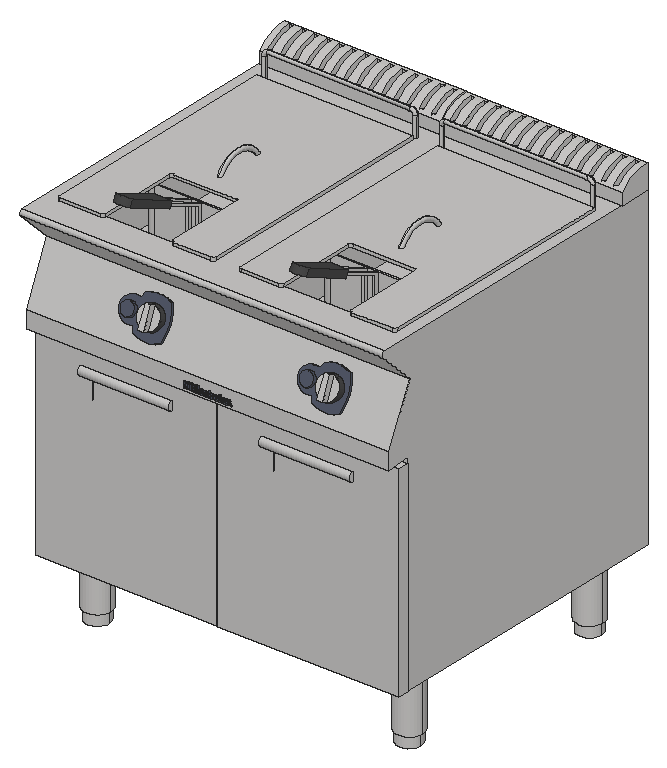
Revit family "QF_ELECTROLUXPROFESSIONAL_371071_E7FRGH2GF0", category Specialty Equipment, Revit 2018 (continued)
Automatic sketch dimensions
  curve 182 to curve 183 = 0 mm
  plane 1 "BACK" to curve 184 = 63.911 mm
  curve 171 to curve 185 = 0 mm
  curve 186 to curve 184 = 0 mm
  curve 187 to curve 186 = 0 mm
  curve 188 to curve 187 = 0 mm
  curve 189 to curve 188 = 0 mm
  curve 190 to curve 189 = 0 mm
  curve 191 to curve 190 = 0 mm
  curve 192 to curve 191 = 0 mm
  curve 193 to curve 192 = 0 mm
  curve 194 to curve 193 = 0 mm
  curve 195 to curve 194 = 0 mm
  curve 196 to curve 195 = 0 mm
  curve 197 to curve 196 = 0 mm
  Extrusion 1 sketch curve to plane 10 "TOP A" = 0 mm
  Extrusion 1 sketch curve to plane 9 "BASE" = 0 mm
  Extrusion 1 sketch curve to plane 14 = 0 mm  (x2)
  Extrusion 1 sketch curve to plane 1 "BACK" = 0 mm
  plane 11 to Extrusion 1 sketch curve = 59.531 mm
  plane 9 "BASE" to Extrusion 1 sketch curve = 12.7 mm
  plane 11 to Extrusion 1 sketch curve = 62.516 mm
  Extrusion 1 sketch curve to Extrusion 1 sketch curve = 1.588 mm
  Extrusion 1 sketch curve to Extrusion 1 sketch curve = 25.4 mm
  Extrusion 1 sketch curve to plane 5 "FRONT" = 16.478 mm
  Extrusion 1 sketch curve to plane 5 "FRONT" = 4.973 mm
  Extrusion 1 sketch curve to plane 5 "FRONT" = 0.483 mm
  plane 9 "BASE" to Extrusion 1 sketch curve = 7.09 mm
  Extrusion 1 sketch curve to Extrusion 1 sketch curve = 38.1 mm
  Extrusion 1 sketch curve to plane 10 "TOP A" = 83.191 mm
  Extrusion 1 sketch curve to plane 10 "TOP A" = 10.84 mm
  Extrusion 2 sketch curve to plane 10 "TOP A" = 0 mm
  Extrusion 2 sketch curve to plane 1 "BACK" = 0 mm
  Extrusion 2 sketch curve to plane 6 "TOP" = 0 mm
  plane 1 "BACK" to Extrusion 2 sketch curve = 1.769 mm
  plane 10 "TOP A" to Extrusion 2 sketch curve = 25.4 mm
  plane 1 "BACK" to Extrusion 2 sketch curve = 69.85 mm
  plane 12 to Extrusion 3 sketch curve = 0.124 mm  (x2)
  Extrusion 3 sketch curve to plane 4 "RIGHT" = 33.338 mm
  plane 7 "Center Y" to Extrusion 3 sketch curve = 26.988 mm
  Extrusion 3 sketch curve to plane 7 "Center Y" = 26.988 mm
  plane 3 "LEFT" to Extrusion 3 sketch curve = 33.338 mm
  plane 11 to Extrusion 3 sketch curve = 57.877 mm
  Extrusion 3 sketch curve to Extrusion 3 sketch curve = 0 mm
  plane 1 "BACK" to Extrusion 4 sketch curve = 6.761 mm
  plane 3 "LEFT" to Extrusion 4 sketch curve = 22.749 mm
  Extrusion 4 sketch curve to Extrusion 4 sketch curve = 9.296 mm
  Extrusion 4 sketch curve to Extrusion 4 sketch curve = 57.15 mm
  plane 1 "BACK" to Extrusion 5 sketch curve = 0 mm
  Extrusion 5 sketch curve to plane 3 "LEFT" = 0 mm
  Extrusion 5 sketch curve to plane 4 "RIGHT" = 0 mm
  Extrusion 5 sketch curve to plane 3 "LEFT" = 150.019 mm
  plane 5 "FRONT" to Extrusion 5 sketch curve = 1.377 mm  (x2)
  plane 4 "RIGHT" to Extrusion 5 sketch curve = 150.019 mm
  Extrusion 5 sketch curve to plane 1 "BACK" = 150.019 mm
  curve 168 to plane 4 "RIGHT" = 0 mm
  curve 7 to plane 4 "RIGHT" = 0 mm
  plane 5 "FRONT" to curve 169 = 0 mm
  plane 1 "BACK" to curve 163 = 0 mm
  curve 6 to plane 3 "LEFT" = 0 mm
  curve 166 to plane 3 "LEFT" = 0 mm
  plane 4 "RIGHT" to curve 3 = 150.019 mm
  curve 122 to curve 121 = 9.296 mm
  curve 56 to plane 4 "RIGHT" = 26.987 mm
  curve 44 to curve 44 = 6.35 mm
  curve 43 to curve 78 = 10.61 mm
  plane 1 "BACK" to curve 129 = 6.761 mm
  curve 121 to curve 129 = 18.547 mm
  curve 128 to curve 127 = 9.296 mm
  curve 127 to curve 131 = 18.547 mm
  curve 169 to plane 4 "RIGHT" = 74.24 mm
  curve 131 to curve 132 = 9.296 mm
  curve 130 to curve 134 = 18.547 mm
  curve 169 to curve 46 = 47.997 mm
  curve 48 to plane 4 "RIGHT" = 128.587 mm
  curve 47 to curve 48 = 6.35 mm
  plane 1 "BACK" to curve 140 = 6.761 mm
  curve 136 to curve 140 = 18.547 mm
  curve 140 to curve 139 = 9.296 mm
  curve 47 to curve 67 = 54.879 mm
  curve 60 to curve 67 = 0 mm
  curve 60 to curve 67 = 3.442 mm
  curve 143 to curve 142 = 9.296 mm
  curve 58 to curve 64 = 4.079 mm
  curve 48 to curve 68 = 60.633 mm
  curve 64 to curve 63 = 5.857 mm
  curve 68 to curve 70 = 4.449 mm
  curve 67 to curve 60 = 18.617 mm
  curve 67 to curve 60 = 0 mm
  curve 63 to curve 66 = 17.363 mm
  curve 146 to curve 147 = 9.296 mm
  curve 66 to curve 65 = 5.857 mm
  curve 61 to curve 62 = 37.235 mm
  plane 1 "BACK" to curve 150 = 6.761 mm
  curve 145 to curve 150 = 18.547 mm
  curve 149 to curve 148 = 9.296 mm
  curve 65 to curve 50 = 51.399 mm
  curve 152 to curve 151 = 9.296 mm
  curve 62 to curve 62 = 53.67 mm
  curve 51 to curve 53 = 6.35 mm
  plane 1 "BACK" to curve 156 = 6.761 mm
  curve 151 to curve 156 = 18.547 mm
  curve 155 to curve 156 = 9.296 mm
  curve 158 to curve 159 = 9.296 mm
  plane 7 "Center Y" to curve 169 = 54.971 mm
  curve 157 to curve 161 = 18.547 mm
  curve 161 to curve 160 = 9.296 mm
  plane 7 "Center Y" to curve 53 = 33.338 mm
  plane 7 "Center Y" to curve 79 = 28.891 mm
  curve 54 to curve 54 = 6.35 mm
  curve 160 to curve 125 = 18.547 mm
  curve 125 to curve 124 = 9.296 mm
  plane 7 "Center Y" to curve 168 = 3.9 mm
  plane 7 "Center Y" to curve 163 = 1.588 mm
  curve 164 to plane 7 "Center Y" = 1.587 mm
  curve 166 to plane 7 "Center Y" = 3.9 mm
  plane 1 "BACK" to curve 82 = 6.761 mm
  curve 164 to curve 82 = 13.764 mm
  curve 24 to plane 7 "Center Y" = 26.988 mm
  curve 23 to curve 77 = 1.903 mm
  curve 22 to curve 22 = 6.35 mm
  curve 83 to curve 118 = 18.547 mm
  curve 118 to curve 120 = 9.296 mm
  curve 167 to plane 7 "Center Y" = 54.971 mm
  curve 116 to curve 112 = 18.547 mm
  curve 112 to curve 113 = 9.296 mm
  curve 22 to curve 20 = 82.55 mm
  curve 18 to plane 7 "Center Y" = 122.238 mm
  plane 1 "BACK" to curve 109 = 6.761 mm
  curve 113 to curve 109 = 18.547 mm
  curve 18 to curve 17 = 6.35 mm
  curve 109 to curve 110 = 9.296 mm
  plane 1 "BACK" to curve 108 = 6.761 mm
  curve 110 to curve 108 = 18.547 mm
  curve 106 to curve 107 = 9.296 mm
  curve 27 to plane 11 = 5.711 mm
  curve 19 to curve 27 = 53.67 mm
  curve 26 to curve 34 = 4.079 mm
  curve 107 to curve 103 = 18.547 mm
  curve 34 to curve 35 = 5.857 mm
  curve 103 to curve 104 = 9.296 mm
  curve 36 to curve 36 = 18.617 mm
  curve 29 to curve 36 = 0 mm
  plane 8 "Center X" to curve 38 = 38.031 mm
  curve 18 to curve 38 = 66.994 mm
  curve 40 to curve 40 = 4.449 mm
  curve 35 to curve 32 = 17.363 mm
  curve 32 to curve 33 = 5.857 mm
  plane 1 "BACK" to curve 102 = 6.761 mm
  curve 104 to curve 102 = 18.547 mm
  curve 33 to curve 28 = 4.079 mm
  curve 36 to curve 36 = 3.442 mm
  curve 36 to curve 29 = 3.442 mm
  curve 100 to curve 101 = 9.296 mm
  curve 101 to curve 97 = 18.547 mm
  curve 97 to curve 99 = 9.296 mm
  curve 33 to curve 17 = 56.049 mm
  plane 1 "BACK" to curve 94 = 6.761 mm
  curve 98 to curve 94 = 18.547 mm
  curve 16 to curve 15 = 6.35 mm
  curve 94 to curve 95 = 9.296 mm
  curve 15 to curve 14 = 6.35 mm
  curve 95 to curve 91 = 18.547 mm
  plane 1 "BACK" to curve 88 = 6.761 mm
  curve 92 to curve 88 = 18.547 mm
  curve 167 to curve 5 = 74.24 mm
  curve 88 to curve 90 = 9.296 mm
  plane 3 "LEFT" to curve 75 = 37.598 mm
  plane 3 "LEFT" to curve 12 = 33.338 mm
  curve 75 to curve 11 = 10.61 mm
  curve 8 to curve 9 = 9.296 mm
  plane 5 "FRONT" to curve 1 = 1.377 mm
  curve 1 to plane 3 "LEFT" = 150.019 mm
  curve 1 to plane 1 "BACK" = 150.019 mm
  plane 1 "BACK" to curve 162 = 6.761 mm
  plane 1 "BACK" to curve 98 = 6.761 mm
  plane 1 "BACK" to curve 8 = 6.761 mm
  plane 1 "BACK" to curve 93 = 6.761 mm
  plane 1 "BACK" to curve 159 = 6.761 mm
  plane 1 "BACK" to curve 87 = 6.761 mm
  plane 1 "BACK" to curve 153 = 6.761 mm
  plane 1 "BACK" to curve 147 = 6.761 mm
  plane 1 "BACK" to curve 103 = 6.761 mm
  plane 1 "BACK" to curve 144 = 6.761 mm
  plane 1 "BACK" to curve 138 = 6.761 mm
  plane 1 "BACK" to curve 112 = 6.761 mm
  plane 1 "BACK" to curve 135 = 6.761 mm
  plane 1 "BACK" to curve 115 = 6.761 mm
  plane 1 "BACK" to curve 132 = 6.761 mm
  plane 1 "BACK" to curve 118 = 6.761 mm
  plane 1 "BACK" to curve 121 = 6.761 mm
  plane 1 "BACK" to curve 126 = 6.761 mm
  curve 125 to curve 125 = 57.15 mm
  curve 127 to curve 121 = 0 mm
  curve 130 to curve 127 = 0 mm
  curve 133 to curve 130 = 0 mm
  curve 136 to curve 133 = 0 mm
  curve 139 to curve 136 = 0 mm
  curve 142 to curve 139 = 0 mm
  curve 145 to curve 142 = 0 mm
  curve 118 to curve 82 = 0 mm
  curve 148 to curve 145 = 0 mm
  curve 8 to curve 85 = 0 mm
  curve 151 to curve 148 = 0 mm
  curve 85 to curve 88 = 0 mm
  curve 154 to curve 151 = 0 mm
  curve 88 to curve 91 = 0 mm
  curve 157 to curve 154 = 0 mm
  curve 94 to curve 98 = 0 mm
  curve 125 to curve 160 = 0 mm
  curve 82 to curve 164 = 5.939 mm
  curve 25 to curve 165 = 0 mm
  curve 125 to curve 78 = 36.504 mm
  curve 83 to curve 77 = 36.504 mm
  curve 74 to curve 75 = 7.655 mm
  curve 78 to curve 79 = 7.655 mm
  curve 79 to curve 56 = 4.767 mm
  curve 75 to curve 11 = 4.767 mm
  plane 8 "Center X" to curve 71 = 38.031 mm
  curve 37 to plane 8 "Center X" = 63.432 mm
  curve 70 to plane 8 "Center X" = 63.432 mm
  curve 69 to curve 50 = 46.229 mm
  curve 37 to curve 16 = 46.229 mm
  curve 50 to curve 72 = 22.324 mm
  curve 16 to curve 41 = 22.324 mm
  curve 72 to curve 73 = 3.175 mm
  curve 41 to curve 42 = 3.175 mm
  curve 66 to plane 11 = 5.711 mm
  plane 11 to curve 55 = 57.877 mm
  plane 11 to curve 19 = 57.877 mm
  plane 11 to curve 43 = 57.877 mm
  plane 11 to curve 15 = 57.877 mm
  curve 11 to curve 166 = 31.626 mm
  curve 43 to curve 168 = 31.626 mm
  curve 30 to curve 36 = 33.188 mm
  curve 61 to curve 67 = 33.188 mm
  curve 67 to curve 60 = 6.713 mm
  curve 36 to curve 29 = 6.713 mm  (x2)
  curve 29 to curve 36 = 4.011 mm
  curve 60 to curve 67 = 4.011 mm
  curve 67 to curve 59 = 6.713 mm
  plane 5 "FRONT" to curve 3 = 1.377 mm
  Extrusion 6 sketch curve to plane 4 "RIGHT" = 26.988 mm
  Extrusion 6 sketch curve to Extrusion 6 sketch curve = 6.35 mm  (x8)
  Extrusion 6 sketch curve to Extrusion 6 sketch curve = 88.9 mm
  Extrusion 6 sketch curve to plane 4 "RIGHT" = 128.588 mm
  plane 7 "Center Y" to Extrusion 6 sketch curve = 128.588 mm
  plane 11 to Extrusion 6 sketch curve = 57.877 mm  (x4)
  plane 7 "Center Y" to Extrusion 6 sketch curve = 122.238 mm
  plane 7 "Center Y" to Extrusion 6 sketch curve = 33.338 mm
  Extrusion 6 sketch curve to plane 7 "Center Y" = 26.988 mm
  Extrusion 6 sketch curve to Extrusion 6 sketch curve = 82.55 mm
  plane 3 "LEFT" to Extrusion 6 sketch curve = 134.938 mm
  plane 3 "LEFT" to Extrusion 6 sketch curve = 128.588 mm
  plane 3 "LEFT" to Extrusion 6 sketch curve = 33.338 mm
  plane 3 "LEFT" to Extrusion 6 sketch curve = 26.988 mm
  Extrusion 6 sketch curve to plane 8 "Center X" = 116.012 mm  (x2)
  Extrusion 6 sketch curve to plane 12 = 34.801 mm  (x2)
  Sweep 7 sketch curve to plane 10 "TOP A" = 0 mm  (x2)
  Sweep 7 sketch curve to plane 6 "TOP" = 9.525 mm
  plane 3 "LEFT" to Sweep 7 sketch curve = 39.688 mm
  Sweep 7 sketch curve to Sweep 7 sketch curve = 6.35 mm  (x2)
  Sweep 7 sketch curve to plane 7 "Center Y" = 37.331 mm
  Sweep 7 sketch curve to profile plane = 2.09 mm
  profile plane to Sweep 7 sketch curve = 140.754 mm
  Extrusion 8 sketch curve to plane 7 "Center Y" = 175.907 mm
  Extrusion 8 sketch curve to Extrusion 8 sketch curve = 0 mm
  Extrusion 8 sketch curve to Extrusion 8 sketch curve = 11.832 mm
  Extrusion 8 sketch curve to Extrusion 8 sketch curve = 106.78 mm
  Extrusion 8 sketch curve to Extrusion 8 sketch curve = 18.617 mm
  Extrusion 9 sketch curve to plane 11 = 1.013 mm
  Extrusion 9 sketch curve to plane 11 = 3.696 mm
  Extrusion 9 sketch curve to plane 10 "TOP A" = 11.567 mm
  Extrusion 9 sketch curve to plane 11 = 84.899 mm
  Extrusion 9 sketch curve to plane 10 "TOP A" = 7.522 mm
  Extrusion 9 sketch curve to Extrusion 9 sketch curve = 6.35 mm
  Extrusion 9 sketch curve to Extrusion 9 sketch curve = 97.432 mm
  Extrusion 10 sketch curve to plane 11 = 1.013 mm
  Extrusion 10 sketch curve to plane 11 = 3.696 mm
  Extrusion 10 sketch curve to plane 10 "TOP A" = 11.567 mm
  Extrusion 10 sketch curve to plane 11 = 84.899 mm
  Extrusion 10 sketch curve to Extrusion 10 sketch curve = 6.35 mm
  Extrusion 10 sketch curve to plane 10 "TOP A" = 7.522 mm
  Extrusion 10 sketch curve to Extrusion 10 sketch curve = 97.432 mm
  Sweep 11 sketch curve to plane 10 "TOP A" = 0 mm  (x2)
  Sweep 11 sketch curve to plane 8 "Center X" = 67.263 mm
  Sweep 11 sketch curve to plane 8 "Center X" = 12.824 mm
  Sweep 11 sketch curve to plane 10 "TOP A" = 26.978 mm
  Sweep 11 sketch curve to profile plane = 0 mm  (x2)
  Sweep 12 sketch curve to plane 10 "TOP A" = 0 mm  (x2)
  Sweep 12 sketch curve to plane 8 "Center X" = 67.263 mm
  Sweep 12 sketch curve to plane 8 "Center X" = 12.824 mm
  Sweep 12 sketch curve to plane 10 "TOP A" = 26.978 mm
  Sweep 12 sketch curve to profile plane = 0 mm
  profile plane to Sweep 12 sketch curve = 0 mm
  plane 7 "Center Y" to Extrusion 13 sketch curve = 175.907 mm
  Extrusion 13 sketch curve to Extrusion 13 sketch curve = 0 mm
  Extrusion 13 sketch curve to Extrusion 13 sketch curve = 11.832 mm
  Extrusion 13 sketch curve to Extrusion 13 sketch curve = 106.78 mm
  Extrusion 13 sketch curve to Extrusion 13 sketch curve = 18.617 mm
  Extrusion 14 sketch curve to Extrusion 14 sketch curve = 0 mm  (x16)
  Extrusion 14 sketch curve to plane 4 "RIGHT" = 91.225 mm
  Extrusion 14 sketch curve to Extrusion 14 sketch curve = 3.175 mm  (x2)
  Extrusion 14 sketch curve to Extrusion 14 sketch curve = 22.225 mm  (x6)
  plane 7 "Center Y" to Extrusion 14 sketch curve = 105.625 mm  (x2)
  plane 12 to Extrusion 14 sketch curve = 44.673 mm
  Extrusion 14 sketch curve to plane 7 "Center Y" = 80.225 mm
  plane 3 "LEFT" to Extrusion 14 sketch curve = 116.625 mm  (x2)
  plane 12 to Extrusion 14 sketch curve = 41.498 mm
  Extrusion 14 sketch curve to plane 8 "Center X" = 116.11 mm  (x2)
  Extrusion 15 sketch curve to plane 11 = 1.013 mm
  Extrusion 15 sketch curve to plane 11 = 3.696 mm
  Extrusion 15 sketch curve to plane 10 "TOP A" = 11.567 mm
  Extrusion 15 sketch curve to plane 11 = 84.899 mm
  Extrusion 15 sketch curve to plane 10 "TOP A" = 7.522 mm
  Extrusion 15 sketch curve to Extrusion 15 sketch curve = 6.35 mm
  Extrusion 15 sketch curve to Extrusion 15 sketch curve = 97.432 mm
  Extrusion 16 sketch curve to plane 11 = 1.013 mm
  Extrusion 16 sketch curve to plane 11 = 3.696 mm
  Extrusion 16 sketch curve to plane 10 "TOP A" = 11.567 mm
  Extrusion 16 sketch curve to plane 11 = 84.899 mm
  Extrusion 16 sketch curve to Extrusion 16 sketch curve = 6.35 mm
  Extrusion 16 sketch curve to Extrusion 16 sketch curve = 97.432 mm
  Extrusion 16 sketch curve to plane 10 "TOP A" = 7.522 mm
  Sweep 17 sketch curve to plane 10 "TOP A" = 0 mm  (x2)
  Sweep 17 sketch curve to plane 6 "TOP" = 9.525 mm
  Sweep 17 sketch curve to plane 4 "RIGHT" = 39.688 mm
  Sweep 17 sketch curve to Sweep 17 sketch curve = 6.35 mm  (x2)
  plane 7 "Center Y" to Sweep 17 sketch curve = 37.331 mm
  profile plane to Sweep 17 sketch curve = 2.09 mm
  profile plane to Sweep 17 sketch curve = 140.754 mm
  plane 1 "BACK" to Extrusion 18 sketch curve = 6.761 mm
  Extrusion 18 sketch curve to plane 7 "Center Y" = 15.351 mm
  Extrusion 18 sketch curve to Extrusion 18 sketch curve = 9.296 mm
  Extrusion 18 sketch curve to Extrusion 18 sketch curve = 57.15 mm
  plane 1 "BACK" to Extrusion 19 sketch curve = 6.761 mm
  plane 3 "LEFT" to Extrusion 19 sketch curve = 50.591 mm
  Extrusion 19 sketch curve to Extrusion 19 sketch curve = 9.296 mm
  Extrusion 19 sketch curve to Extrusion 19 sketch curve = 57.15 mm
  plane 1 "BACK" to Extrusion 20 sketch curve = 6.761 mm
  plane 3 "LEFT" to Extrusion 20 sketch curve = 78.433 mm
  Extrusion 20 sketch curve to Extrusion 20 sketch curve = 9.296 mm
  Extrusion 20 sketch curve to Extrusion 20 sketch curve = 57.15 mm
  plane 1 "BACK" to Extrusion 21 sketch curve = 6.761 mm
  plane 3 "LEFT" to Extrusion 21 sketch curve = 106.275 mm
  Extrusion 21 sketch curve to Extrusion 21 sketch curve = 9.296 mm
  Extrusion 21 sketch curve to Extrusion 21 sketch curve = 57.15 mm
  plane 1 "BACK" to Extrusion 22 sketch curve = 6.761 mm
  plane 3 "LEFT" to Extrusion 22 sketch curve = 134.118 mm
  Extrusion 22 sketch curve to Extrusion 22 sketch curve = 9.296 mm
  Extrusion 22 sketch curve to Extrusion 22 sketch curve = 57.15 mm
  plane 1 "BACK" to Extrusion 23 sketch curve = 6.761 mm
  plane 3 "LEFT" to Extrusion 23 sketch curve = 161.96 mm
  Extrusion 23 sketch curve to Extrusion 23 sketch curve = 9.296 mm
  Extrusion 23 sketch curve to Extrusion 23 sketch curve = 57.15 mm
  plane 1 "BACK" to Extrusion 24 sketch curve = 6.761 mm
  plane 3 "LEFT" to Extrusion 24 sketch curve = 189.802 mm
  Extrusion 24 sketch curve to Extrusion 24 sketch curve = 9.296 mm
  Extrusion 24 sketch curve to Extrusion 24 sketch curve = 57.15 mm
  plane 1 "BACK" to Extrusion 25 sketch curve = 6.761 mm
  Extrusion 25 sketch curve to plane 7 "Center Y" = 182.405 mm
  Extrusion 25 sketch curve to Extrusion 25 sketch curve = 9.296 mm
  Extrusion 25 sketch curve to Extrusion 25 sketch curve = 57.15 mm
  plane 1 "BACK" to Extrusion 26 sketch curve = 6.761 mm
  Extrusion 26 sketch curve to plane 7 "Center Y" = 154.563 mm
  Extrusion 26 sketch curve to Extrusion 26 sketch curve = 9.296 mm
  Extrusion 26 sketch curve to Extrusion 26 sketch curve = 57.15 mm
  plane 1 "BACK" to Extrusion 27 sketch curve = 6.761 mm
  Extrusion 27 sketch curve to plane 7 "Center Y" = 126.721 mm
  Extrusion 27 sketch curve to Extrusion 27 sketch curve = 9.296 mm
  Extrusion 27 sketch curve to Extrusion 27 sketch curve = 57.15 mm
  plane 1 "BACK" to Extrusion 28 sketch curve = 6.761 mm
  Extrusion 28 sketch curve to plane 7 "Center Y" = 98.878 mm
  Extrusion 28 sketch curve to Extrusion 28 sketch curve = 9.296 mm
  Extrusion 28 sketch curve to Extrusion 28 sketch curve = 57.15 mm
  plane 1 "BACK" to Extrusion 29 sketch curve = 6.761 mm
  Extrusion 29 sketch curve to plane 7 "Center Y" = 71.036 mm
  Extrusion 29 sketch curve to Extrusion 29 sketch curve = 9.296 mm
  Extrusion 29 sketch curve to Extrusion 29 sketch curve = 57.15 mm
  plane 1 "BACK" to Extrusion 30 sketch curve = 6.761 mm
  Extrusion 30 sketch curve to plane 7 "Center Y" = 43.194 mm
  Extrusion 30 sketch curve to Extrusion 30 sketch curve = 9.296 mm
  Extrusion 30 sketch curve to Extrusion 30 sketch curve = 57.15 mm
  Extrusion 31 sketch curve to plane 1 "BACK" = 6.761 mm
  plane 4 "RIGHT" to Extrusion 31 sketch curve = 22.749 mm
  Extrusion 31 sketch curve to Extrusion 31 sketch curve = 9.296 mm
  Extrusion 31 sketch curve to Extrusion 31 sketch curve = 57.15 mm
  Extrusion 32 sketch curve to plane 1 "BACK" = 6.761 mm
  Extrusion 32 sketch curve to plane 7 "Center Y" = 15.351 mm
  Extrusion 32 sketch curve to Extrusion 32 sketch curve = 9.296 mm
  Extrusion 32 sketch curve to Extrusion 32 sketch curve = 57.15 mm
  Extrusion 33 sketch curve to plane 1 "BACK" = 6.761 mm
  plane 4 "RIGHT" to Extrusion 33 sketch curve = 50.591 mm
  Extrusion 33 sketch curve to Extrusion 33 sketch curve = 9.296 mm
  Extrusion 33 sketch curve to Extrusion 33 sketch curve = 57.15 mm
  Extrusion 34 sketch curve to plane 1 "BACK" = 6.761 mm
  plane 4 "RIGHT" to Extrusion 34 sketch curve = 78.433 mm
  Extrusion 34 sketch curve to Extrusion 34 sketch curve = 9.296 mm
  Extrusion 34 sketch curve to Extrusion 34 sketch curve = 57.15 mm
  Extrusion 35 sketch curve to plane 1 "BACK" = 6.761 mm
  plane 4 "RIGHT" to Extrusion 35 sketch curve = 106.275 mm
  Extrusion 35 sketch curve to Extrusion 35 sketch curve = 9.296 mm
  Extrusion 35 sketch curve to Extrusion 35 sketch curve = 57.15 mm
  Extrusion 36 sketch curve to plane 1 "BACK" = 6.761 mm
  plane 4 "RIGHT" to Extrusion 36 sketch curve = 134.118 mm
  Extrusion 36 sketch curve to Extrusion 36 sketch curve = 9.296 mm
  Extrusion 36 sketch curve to Extrusion 36 sketch curve = 57.15 mm
  Extrusion 37 sketch curve to plane 1 "BACK" = 6.761 mm
  plane 4 "RIGHT" to Extrusion 37 sketch curve = 161.96 mm
  Extrusion 37 sketch curve to Extrusion 37 sketch curve = 9.296 mm
  Extrusion 37 sketch curve to Extrusion 37 sketch curve = 57.15 mm
  Extrusion 38 sketch curve to plane 1 "BACK" = 6.761 mm
  plane 4 "RIGHT" to Extrusion 38 sketch curve = 189.802 mm
  Extrusion 38 sketch curve to Extrusion 38 sketch curve = 9.296 mm
  Extrusion 38 sketch curve to Extrusion 38 sketch curve = 57.15 mm
  Extrusion 39 sketch curve to plane 1 "BACK" = 6.761 mm
  Extrusion 39 sketch curve to plane 7 "Center Y" = 182.405 mm
  Extrusion 39 sketch curve to Extrusion 39 sketch curve = 9.296 mm
  Extrusion 39 sketch curve to Extrusion 39 sketch curve = 57.15 mm
  Extrusion 40 sketch curve to plane 1 "BACK" = 6.761 mm
  Extrusion 40 sketch curve to plane 7 "Center Y" = 154.563 mm
  Extrusion 40 sketch curve to Extrusion 40 sketch curve = 9.296 mm
  Extrusion 40 sketch curve to Extrusion 40 sketch curve = 57.15 mm
  Extrusion 41 sketch curve to plane 1 "BACK" = 6.761 mm
  Extrusion 41 sketch curve to plane 7 "Center Y" = 126.721 mm
  Extrusion 41 sketch curve to Extrusion 41 sketch curve = 9.296 mm
  Extrusion 41 sketch curve to Extrusion 41 sketch curve = 57.15 mm
  Extrusion 42 sketch curve to plane 1 "BACK" = 6.761 mm
  Extrusion 42 sketch curve to plane 7 "Center Y" = 98.878 mm
  Extrusion 42 sketch curve to Extrusion 42 sketch curve = 9.296 mm
  Extrusion 42 sketch curve to Extrusion 42 sketch curve = 57.15 mm
  Extrusion 43 sketch curve to plane 1 "BACK" = 6.761 mm
  Extrusion 43 sketch curve to plane 7 "Center Y" = 71.036 mm
  Extrusion 43 sketch curve to Extrusion 43 sketch curve = 9.296 mm
  Extrusion 43 sketch curve to Extrusion 43 sketch curve = 57.15 mm
  Extrusion 44 sketch curve to plane 1 "BACK" = 6.761 mm
  Extrusion 44 sketch curve to plane 7 "Center Y" = 43.194 mm
  Extrusion 44 sketch curve to Extrusion 44 sketch curve = 9.296 mm
  Extrusion 44 sketch curve to Extrusion 44 sketch curve = 57.15 mm
  plane 1 "BACK" to Extrusion 45 sketch curve = 0 mm
  plane 7 "Center Y" to Extrusion 45 sketch curve = 1.587 mm
  Extrusion 45 sketch curve to plane 7 "Center Y" = 1.588 mm
  Extrusion 45 sketch curve to plane 1 "BACK" = 69.85 mm
  Extrusion 46 sketch curve to Extrusion 1 = 0 mm
  Extrusion 1 to Extrusion 46 sketch curve = 12.7 mm
  Extrusion 1 to Extrusion 46 sketch curve = 398.463 mm
  Extrusion 46 sketch curve to Extrusion 46 sketch curve = 3.175 mm
  Extrusion 47 sketch curve to plane 5 "FRONT" = 42.863 mm
  Extrusion 47 sketch curve to Extrusion 47 sketch curve = 15 mm
  Extrusion 47 sketch curve to plane 9 "BASE" = 101.212 mm
  Extrusion 47 sketch curve to Extrusion 47 sketch curve = 41.212 mm
  Extrusion 48 sketch curve to plane 5 "FRONT" = 42.863 mm
  Extrusion 48 sketch curve to plane 9 "BASE" = 60 mm
  Extrusion 48 sketch curve to Extrusion 48 sketch curve = 10 mm
  Extrusion 49 sketch curve to plane 5 "FRONT" = 42.863 mm
  Extrusion 49 sketch curve to Extrusion 49 sketch curve = 15 mm
  Extrusion 49 sketch curve to plane 9 "BASE" = 60 mm
  Extrusion 49 sketch curve to Extrusion 49 sketch curve = 41.212 mm
  Extrusion 50 sketch curve to plane 5 "FRONT" = 42.863 mm
  Extrusion 50 sketch curve to plane 9 "BASE" = 40 mm
  Extrusion 50 sketch curve to Extrusion 50 sketch curve = 10 mm
  Revolve 51 sketch curve to level = 0 mm
  Revolve 51 sketch curve to plane 14 = 0 mm  (x2)
  level to Revolve 51 sketch curve = 25 mm
  Revolve 51 sketch curve to Revolve 51 sketch curve = 20 mm
  plane 3 "LEFT" to Revolve 51 sketch curve = 56 mm
  Revolve 51 sketch curve to Revolve 51 sketch curve = 0 mm
  plane 3 "LEFT" to Revolve 51 sketch curve = 29.75 mm
  plane 3 "LEFT" to Revolve 51 sketch curve = 26 mm
  Revolve 52 sketch curve to level = 0 mm
  Revolve 52 sketch curve to plane 14 = 0 mm  (x2)
  level to Revolve 52 sketch curve = 25 mm
  Revolve 52 sketch curve to Revolve 52 sketch curve = 20 mm
  plane 3 "LEFT" to Revolve 52 sketch curve = 56 mm
  Revolve 52 sketch curve to Revolve 52 sketch curve = 0 mm
  plane 3 "LEFT" to Revolve 52 sketch curve = 29.75 mm
  plane 3 "LEFT" to Revolve 52 sketch curve = 26 mm
  Revolve 53 sketch curve to level = 0 mm
  Revolve 53 sketch curve to plane 14 = 0 mm  (x2)
  level to Revolve 53 sketch curve = 25 mm
  Revolve 53 sketch curve to Revolve 53 sketch curve = 20 mm
  Revolve 53 sketch curve to plane 4 "RIGHT" = 26 mm
  Revolve 53 sketch curve to Revolve 53 sketch curve = 3.75 mm
  Revolve 53 sketch curve to Revolve 53 sketch curve = 30 mm
  Revolve 53 sketch curve to Revolve 53 sketch curve = 0 mm
  Revolve 54 sketch curve to level = 0 mm
  Revolve 54 sketch curve to plane 14 = 0 mm  (x2)
  level to Revolve 54 sketch curve = 25 mm
  Revolve 54 sketch curve to Revolve 54 sketch curve = 20 mm
  Revolve 54 sketch curve to plane 4 "RIGHT" = 26 mm
  Revolve 54 sketch curve to Revolve 54 sketch curve = 3.75 mm
  Revolve 54 sketch curve to Revolve 54 sketch curve = 30 mm
  Revolve 54 sketch curve to Revolve 54 sketch curve = 0 mm
  Extrusion 55 sketch curve to plane 4 "RIGHT" = 0 mm
  Extrusion 55 sketch curve to plane 3 "LEFT" = 0 mm
  plane 7 "Center Y" to Extrusion 55 sketch curve = 1.588 mm
  Extrusion 55 sketch curve to plane 7 "Center Y" = 1.588 mm
  Extrusion 55 sketch curve to plane 5 "FRONT" = 42.863 mm  (x2)
  Extrusion 57 sketch curve to Extrusion 57 sketch curve = 0 mm  (x3)
  Extrusion 57 sketch curve to plane 7 "Center Y" = 111.042 mm
  Extrusion 57 sketch curve to Extrusion 57 sketch curve = 11.296 mm
  Extrusion 57 sketch curve to Extrusion 57 sketch curve = 12.3 mm  (x2)
  Extrusion 57 sketch curve to Extrusion 57 sketch curve = 23.629 mm
  Extrusion 57 sketch curve to Extrusion 57 sketch curve = 34.925 mm
  Extrusion 57 sketch curve to Extrusion 57 sketch curve = 2.988 mm
  Extrusion 57 sketch curve to Extrusion 57 sketch curve = 2.215 mm
  Extrusion 57 sketch curve to Extrusion 57 sketch curve = 10.084 mm
  Extrusion 57 sketch curve to Extrusion 57 sketch curve = 23.66 mm
  Extrusion 57 sketch curve to Extrusion 57 sketch curve = 25.727 mm
  Extrusion 57 sketch curve to Extrusion 57 sketch curve = 30.616 mm
  Extrusion 57 sketch curve to Extrusion 57 sketch curve = 28.523 mm
  Extrusion 57 sketch curve to Extrusion 57 sketch curve = 13.477 mm
  Extrusion 58 sketch curve to Extrusion 57 = 26.197 mm
  Extrusion 59 sketch curve to Extrusion 59 sketch curve = 24.732 mm
  Extrusion 59 sketch curve to Extrusion 59 sketch curve = 0 mm
  Extrusion 60 sketch curve to Extrusion 57 = 26.197 mm
  Extrusion 61 sketch curve to Extrusion 61 sketch curve = 0 mm  (x3)
  Extrusion 61 sketch curve to plane 4 "RIGHT" = 116.092 mm
  Extrusion 61 sketch curve to Extrusion 61 sketch curve = 11.296 mm
  Extrusion 61 sketch curve to Extrusion 61 sketch curve = 12.3 mm  (x2)
  Extrusion 61 sketch curve to Extrusion 61 sketch curve = 23.629 mm
  Extrusion 61 sketch curve to Extrusion 61 sketch curve = 34.925 mm
  Extrusion 61 sketch curve to Extrusion 61 sketch curve = 2.988 mm
  Extrusion 61 sketch curve to Extrusion 61 sketch curve = 2.215 mm
  Extrusion 61 sketch curve to Extrusion 61 sketch curve = 10.084 mm
  Extrusion 61 sketch curve to Extrusion 61 sketch curve = 23.66 mm
  Extrusion 61 sketch curve to Extrusion 61 sketch curve = 25.727 mm
  Extrusion 61 sketch curve to Extrusion 61 sketch curve = 30.616 mm
  Extrusion 61 sketch curve to Extrusion 61 sketch curve = 28.523 mm
  Extrusion 61 sketch curve to Extrusion 61 sketch curve = 13.477 mm
  Extrusion 62 sketch curve to Extrusion 61 = 26.197 mm
  Extrusion 63 sketch curve to Extrusion 63 sketch curve = 24.732 mm
  Extrusion 63 sketch curve to Extrusion 63 sketch curve = 0 mm
  Extrusion 64 sketch curve to Extrusion 61 = 26.197 mm
  curve 122 to plane 4 "RIGHT" = 13.453 mm
  curve 134 to curve 133 = 9.296 mm
  curve 133 to curve 138 = 18.547 mm
  curve 137 to curve 138 = 9.296 mm
  curve 139 to curve 143 = 18.547 mm
  curve 142 to curve 146 = 18.547 mm
  curve 148 to curve 152 = 18.547 mm
  curve 154 to curve 158 = 18.547 mm
  curve 82 to curve 84 = 9.296 mm
  curve 119 to curve 115 = 18.547 mm
  curve 115 to curve 116 = 9.296 mm
  curve 91 to curve 92 = 9.296 mm
  curve 89 to curve 85 = 18.547 mm
  curve 85 to curve 86 = 9.296 mm
  curve 86 to curve 10 = 18.547 mm
  curve 112 to curve 112 = 57.15 mm
  curve 113 to curve 112 = 0 mm
  curve 112 to curve 115 = 0 mm
  curve 116 to curve 115 = 0 mm
  curve 115 to curve 118 = 0 mm
  curve 110 to curve 113 = 0 mm
  curve 110 to curve 109 = 0 mm
  curve 119 to curve 118 = 0 mm
  curve 121 to curve 165 = 5.939 mm
  curve 121 to curve 122 = 0 mm
  curve 124 to curve 125 = 0 mm
  curve 107 to curve 110 = 0 mm
  curve 107 to curve 106 = 0 mm
  curve 127 to curve 128 = 0 mm
  curve 104 to curve 107 = 0 mm
  curve 104 to curve 103 = 0 mm
  curve 130 to curve 131 = 0 mm
  curve 133 to curve 134 = 0 mm
  curve 101 to curve 104 = 0 mm
  curve 101 to curve 100 = 0 mm
  curve 136 to curve 137 = 0 mm
  curve 139 to curve 140 = 0 mm
  curve 98 to curve 101 = 0 mm
  curve 98 to curve 97 = 0 mm
  curve 142 to curve 143 = 0 mm
  curve 86 to curve 25 = 5.939 mm
  curve 86 to curve 85 = 0 mm
  curve 95 to curve 94 = 0 mm
  curve 145 to curve 146 = 0 mm
  curve 148 to curve 149 = 0 mm
  curve 92 to curve 91 = 0 mm
  curve 151 to curve 152 = 0 mm
  curve 154 to curve 155 = 0 mm
  curve 89 to curve 88 = 0 mm
  curve 9 to curve 8 = 0 mm
  curve 160 to curve 161 = 0 mm
  curve 83 to curve 82 = 0 mm
  curve 157 to curve 158 = 0 mm
  plane 9 "BASE" to Extrusion 65 sketch curve = 9.251 mm
  plane 9 "BASE" to Extrusion 65 sketch curve = 14.292 mm
  plane 7 "Center Y" to Extrusion 65 sketch curve = 5.651 mm
  plane 9 "BASE" to Extrusion 65 sketch curve = 14.311 mm
  Extrusion 65 sketch curve to Extrusion 65 sketch curve = 0 mm  (x28)
  Extrusion 65 sketch curve to Extrusion 65 sketch curve = 5.108 mm  (x2)
  Extrusion 65 sketch curve to Extrusion 65 sketch curve = 0.054 mm
  Extrusion 65 sketch curve to Extrusion 65 sketch curve = 0.218 mm
  Extrusion 65 sketch curve to Extrusion 65 sketch curve = 0.195 mm
  Extrusion 65 sketch curve to Extrusion 65 sketch curve = 0.249 mm
  plane 9 "BASE" to Extrusion 65 sketch curve = 14.608 mm
  Extrusion 65 sketch curve to Extrusion 65 sketch curve = 0.087 mm
  Extrusion 65 sketch curve to Extrusion 65 sketch curve = 0.358 mm
  Extrusion 65 sketch curve to Extrusion 65 sketch curve = 0.481 mm
  Extrusion 65 sketch curve to Extrusion 65 sketch curve = 0.597 mm
  Extrusion 65 sketch curve to Extrusion 65 sketch curve = 0.544 mm
  Extrusion 65 sketch curve to Extrusion 65 sketch curve = 0.936 mm
  Extrusion 65 sketch curve to Extrusion 65 sketch curve = 0.594 mm
  Extrusion 65 sketch curve to Extrusion 65 sketch curve = 0.343 mm
  Extrusion 65 sketch curve to Extrusion 65 sketch curve = 0.159 mm
  Extrusion 65 sketch curve to Extrusion 65 sketch curve = 0.826 mm
  Extrusion 65 sketch curve to Extrusion 65 sketch curve = 0.839 mm
  Extrusion 65 sketch curve to Extrusion 65 sketch curve = 0.852 mm
  Extrusion 65 sketch curve to Extrusion 65 sketch curve = 0.887 mm
  Extrusion 65 sketch curve to Extrusion 65 sketch curve = 0.928 mm
  Extrusion 65 sketch curve to Extrusion 65 sketch curve = 0.938 mm
  Extrusion 65 sketch curve to Extrusion 65 sketch curve = 0.444 mm
  Extrusion 65 sketch curve to Extrusion 65 sketch curve = 1.11 mm  (x3)
  Extrusion 65 sketch curve to Extrusion 65 sketch curve = 0.215 mm
  plane 7 "Center Y" to Extrusion 65 sketch curve = 0.014 mm
  Extrusion 65 sketch curve to Extrusion 65 sketch curve = 1.43 mm
  Extrusion 65 sketch curve to Extrusion 65 sketch curve = 1.188 mm
  Extrusion 65 sketch curve to Extrusion 65 sketch curve = 1.21 mm  (x2)
  Extrusion 65 sketch curve to Extrusion 65 sketch curve = 0.503 mm
  Extrusion 65 sketch curve to Extrusion 65 sketch curve = 0.488 mm
  Extrusion 65 sketch curve to Extrusion 65 sketch curve = 0.462 mm
  Extrusion 65 sketch curve to Extrusion 65 sketch curve = 1.386 mm
  Extrusion 65 sketch curve to Extrusion 65 sketch curve = 1.742 mm  (x2)
  Extrusion 65 sketch curve to Extrusion 65 sketch curve = 0.821 mm
  Extrusion 65 sketch curve to Extrusion 65 sketch curve = 0.497 mm
  Extrusion 65 sketch curve to Extrusion 65 sketch curve = 0.539 mm
  Extrusion 65 sketch curve to Extrusion 65 sketch curve = 0.686 mm
  Extrusion 65 sketch curve to plane 7 "Center Y" = 0.36 mm
  Extrusion 65 sketch curve to Extrusion 65 sketch curve = 0.408 mm
  Extrusion 65 sketch curve to Extrusion 65 sketch curve = 0.743 mm
  Extrusion 65 sketch curve to Extrusion 65 sketch curve = 1.16 mm
  Extrusion 65 sketch curve to Extrusion 65 sketch curve = 0.329 mm
  Extrusion 65 sketch curve to Extrusion 65 sketch curve = 1.054 mm
  Extrusion 65 sketch curve to Extrusion 65 sketch curve = 1.056 mm
  Extrusion 65 sketch curve to Extrusion 65 sketch curve = 0.129 mm
  Extrusion 65 sketch curve to Extrusion 65 sketch curve = 0.489 mm
  Extrusion 65 sketch curve to Extrusion 65 sketch curve = 0.441 mm
  Extrusion 65 sketch curve to Extrusion 65 sketch curve = 1.151 mm
  Extrusion 65 sketch curve to Extrusion 65 sketch curve = 1.141 mm  (x2)
  Extrusion 65 sketch curve to Extrusion 65 sketch curve = 0.768 mm
  Extrusion 65 sketch curve to Extrusion 65 sketch curve = 1.653 mm
  Extrusion 65 sketch curve to Extrusion 65 sketch curve = 0.499 mm
  Extrusion 65 sketch curve to Extrusion 65 sketch curve = 0.964 mm
  Extrusion 65 sketch curve to Extrusion 65 sketch curve = 0.949 mm
  Extrusion 65 sketch curve to Extrusion 65 sketch curve = 1.345 mm  (x2)
  Extrusion 65 sketch curve to Extrusion 65 sketch curve = 0.137 mm  (x2)
  Extrusion 65 sketch curve to Extrusion 65 sketch curve = 0.432 mm
  Extrusion 65 sketch curve to Extrusion 65 sketch curve = 1.142 mm
  Extrusion 65 sketch curve to Extrusion 65 sketch curve = 0.959 mm
  Extrusion 65 sketch curve to Extrusion 65 sketch curve = 0.176 mm
  Extrusion 65 sketch curve to Extrusion 65 sketch curve = 0.728 mm
  Extrusion 65 sketch curve to Extrusion 65 sketch curve = 3.375 mm  (x2)
  Extrusion 65 sketch curve to Extrusion 65 sketch curve = 1.905 mm
  Extrusion 65 sketch curve to Extrusion 65 sketch curve = 0.955 mm
  Extrusion 65 sketch curve to Extrusion 65 sketch curve = 1.251 mm
  Extrusion 65 sketch curve to Extrusion 65 sketch curve = 0.572 mm
  Extrusion 65 sketch curve to Extrusion 65 sketch curve = 1.92 mm
  Extrusion 65 sketch curve to Extrusion 65 sketch curve = 1.224 mm
  Extrusion 65 sketch curve to Extrusion 65 sketch curve = 0.745 mm
  Extrusion 65 sketch curve to Extrusion 65 sketch curve = 0.036 mm
  Extrusion 65 sketch curve to Extrusion 65 sketch curve = 0.896 mm  (x3)
  Extrusion 65 sketch curve to Extrusion 65 sketch curve = 2.607 mm
  Extrusion 65 sketch curve to Extrusion 65 sketch curve = 0.066 mm
  Extrusion 65 sketch curve to Extrusion 65 sketch curve = 0.248 mm
  Extrusion 65 sketch curve to Extrusion 65 sketch curve = 0.449 mm
  Extrusion 65 sketch curve to Extrusion 65 sketch curve = 1.052 mm
  Extrusion 65 sketch curve to Extrusion 65 sketch curve = 1.863 mm
  Extrusion 65 sketch curve to Extrusion 65 sketch curve = 1.31 mm  (x2)
  Extrusion 65 sketch curve to Extrusion 65 sketch curve = 0.901 mm
  Extrusion 65 sketch curve to Extrusion 65 sketch curve = 1.107 mm
  Extrusion 65 sketch curve to Extrusion 65 sketch curve = 2.122 mm
  Extrusion 65 sketch curve to Extrusion 65 sketch curve = 2.101 mm
  Extrusion 65 sketch curve to Extrusion 65 sketch curve = 0.106 mm
  Extrusion 65 sketch curve to Extrusion 65 sketch curve = 0.029 mm
  Extrusion 65 sketch curve to Extrusion 65 sketch curve = 2.09 mm
  Extrusion 65 sketch curve to Extrusion 65 sketch curve = 1.279 mm
  Extrusion 65 sketch curve to Extrusion 65 sketch curve = 2.008 mm
  Extrusion 65 sketch curve to Extrusion 65 sketch curve = 0.738 mm
  Extrusion 65 sketch curve to Extrusion 65 sketch curve = 0.382 mm
  Extrusion 65 sketch curve to Extrusion 65 sketch curve = 0.384 mm
  Extrusion 65 sketch curve to Extrusion 65 sketch curve = 0.002 mm
  Extrusion 65 sketch curve to Extrusion 65 sketch curve = 0.561 mm
  Extrusion 65 sketch curve to Extrusion 65 sketch curve = 0.592 mm
  Extrusion 65 sketch curve to Extrusion 65 sketch curve = 2.692 mm
  Extrusion 65 sketch curve to Extrusion 65 sketch curve = 1.259 mm
  Extrusion 65 sketch curve to Extrusion 65 sketch curve = 0.802 mm
  Extrusion 65 sketch curve to Extrusion 65 sketch curve = 1.024 mm  (x2)
  Extrusion 65 sketch curve to Extrusion 65 sketch curve = 0.682 mm
  Extrusion 65 sketch curve to Extrusion 65 sketch curve = 5.934 mm
  Extrusion 65 sketch curve to Extrusion 65 sketch curve = 2.186 mm
  Extrusion 65 sketch curve to Extrusion 65 sketch curve = 0.337 mm
  Extrusion 65 sketch curve to Extrusion 65 sketch curve = 0.021 mm
  Extrusion 65 sketch curve to Extrusion 65 sketch curve = 1.005 mm
  Extrusion 65 sketch curve to Extrusion 65 sketch curve = 0.552 mm
  Extrusion 65 sketch curve to Extrusion 65 sketch curve = 0.778 mm
  Extrusion 65 sketch curve to Extrusion 65 sketch curve = 0.063 mm
  Extrusion 65 sketch curve to Extrusion 65 sketch curve = 1.023 mm
  Extrusion 65 sketch curve to Extrusion 65 sketch curve = 3.804 mm
  Extrusion 65 sketch curve to Extrusion 65 sketch curve = 0.486 mm
  Extrusion 65 sketch curve to Extrusion 65 sketch curve = 0.266 mm  (x2)
  Extrusion 65 sketch curve to plane 7 "Center Y" = 1.105 mm
  Extrusion 65 sketch curve to Extrusion 65 sketch curve = 1.547 mm
  Extrusion 65 sketch curve to Extrusion 65 sketch curve = 0.717 mm  (x2)
  Extrusion 65 sketch curve to Extrusion 65 sketch curve = 1.667 mm
  Extrusion 65 sketch curve to Extrusion 65 sketch curve = 3.174 mm
  plane 7 "Center Y" to Extrusion 65 sketch curve = 0.05 mm
  Extrusion 65 sketch curve to Extrusion 65 sketch curve = 0.388 mm
  Extrusion 65 sketch curve to Extrusion 65 sketch curve = 1.342 mm
  Extrusion 65 sketch curve to Extrusion 65 sketch curve = 1.521 mm
  Extrusion 65 sketch curve to Extrusion 65 sketch curve = 0.124 mm
  Extrusion 65 sketch curve to Extrusion 65 sketch curve = 0.291 mm
  plane 7 "Center Y" to Extrusion 65 sketch curve = 6.967 mm
  Extrusion 65 sketch curve to Extrusion 65 sketch curve = 1.049 mm  (x2)
  Extrusion 65 sketch curve to Extrusion 65 sketch curve = 1.7 mm
  Extrusion 65 sketch curve to Extrusion 65 sketch curve = 0.894 mm
  Extrusion 65 sketch curve to Extrusion 65 sketch curve = 0.989 mm
  Extrusion 65 sketch curve to Extrusion 65 sketch curve = 1.168 mm
  Extrusion 65 sketch curve to Extrusion 65 sketch curve = 1.594 mm
  Extrusion 65 sketch curve to Extrusion 65 sketch curve = 0.731 mm
  Extrusion 65 sketch curve to Extrusion 65 sketch curve = 1.566 mm
  Extrusion 65 sketch curve to Extrusion 65 sketch curve = 0.064 mm
  plane 7 "Center Y" to Extrusion 65 sketch curve = 7.523 mm
  Extrusion 65 sketch curve to Extrusion 65 sketch curve = 0.556 mm  (x2)
  Extrusion 65 sketch curve to Extrusion 65 sketch curve = 0.48 mm
  Extrusion 65 sketch curve to Extrusion 65 sketch curve = 1.018 mm
  Extrusion 65 sketch curve to Extrusion 65 sketch curve = 0.787 mm
  Extrusion 65 sketch curve to Extrusion 65 sketch curve = 0.618 mm
  Extrusion 65 sketch curve to Extrusion 65 sketch curve = 1.672 mm
  Extrusion 65 sketch curve to Extrusion 65 sketch curve = 1.361 mm
  Extrusion 65 sketch curve to Extrusion 65 sketch curve = 0.822 mm
  Extrusion 65 sketch curve to Extrusion 65 sketch curve = 0.069 mm
  Extrusion 65 sketch curve to Extrusion 65 sketch curve = 1.88 mm
  Extrusion 65 sketch curve to Extrusion 65 sketch curve = 0.42 mm
  Extrusion 65 sketch curve to Extrusion 65 sketch curve = 0.062 mm
  Extrusion 65 sketch curve to Extrusion 65 sketch curve = 1.355 mm
  Extrusion 65 sketch curve to Extrusion 65 sketch curve = 2.34 mm
  Extrusion 65 sketch curve to Extrusion 65 sketch curve = 0.493 mm
  Extrusion 65 sketch curve to Extrusion 65 sketch curve = 0.136 mm
  Extrusion 65 sketch curve to Extrusion 65 sketch curve = 0.128 mm
  Extrusion 65 sketch curve to Extrusion 65 sketch curve = 3.616 mm
  Extrusion 65 sketch curve to Extrusion 65 sketch curve = 4.207 mm
  Extrusion 65 sketch curve to Extrusion 65 sketch curve = 0.183 mm
  Extrusion 65 sketch curve to Extrusion 65 sketch curve = 0.895 mm
  Extrusion 65 sketch curve to Extrusion 65 sketch curve = 1.314 mm
  Extrusion 65 sketch curve to Extrusion 65 sketch curve = 3.231 mm
  Extrusion 65 sketch curve to Extrusion 65 sketch curve = 1.299 mm
  Extrusion 65 sketch curve to Extrusion 65 sketch curve = 1.214 mm
  Extrusion 65 sketch curve to Extrusion 65 sketch curve = 1.264 mm
  Extrusion 65 sketch curve to Extrusion 65 sketch curve = 0.109 mm
  Extrusion 65 sketch curve to Extrusion 65 sketch curve = 0.357 mm
  Extrusion 65 sketch curve to Extrusion 65 sketch curve = 0.565 mm
  Extrusion 65 sketch curve to Extrusion 65 sketch curve = 2.504 mm
  Extrusion 65 sketch curve to Extrusion 65 sketch curve = 2.459 mm
  Extrusion 65 sketch curve to Extrusion 65 sketch curve = 1.322 mm
  Extrusion 65 sketch curve to Extrusion 65 sketch curve = 2.77 mm
  Extrusion 65 sketch curve to Extrusion 65 sketch curve = 2.51 mm
  Extrusion 65 sketch curve to Extrusion 65 sketch curve = 0.187 mm
  Extrusion 65 sketch curve to Extrusion 65 sketch curve = 2.559 mm
  Extrusion 65 sketch curve to Extrusion 65 sketch curve = 1.556 mm
  Extrusion 65 sketch curve to Extrusion 65 sketch curve = 0.222 mm
  Extrusion 65 sketch curve to Extrusion 65 sketch curve = 1.383 mm
  Extrusion 65 sketch curve to Extrusion 65 sketch curve = 3.114 mm
  Extrusion 65 sketch curve to Extrusion 65 sketch curve = 3.376 mm
  Extrusion 65 sketch curve to Extrusion 65 sketch curve = 0.934 mm
  Extrusion 65 sketch curve to Extrusion 65 sketch curve = 0.191 mm
  Extrusion 65 sketch curve to Extrusion 65 sketch curve = 3.696 mm
  Extrusion 65 sketch curve to Extrusion 65 sketch curve = 2.708 mm
  Extrusion 65 sketch curve to Extrusion 65 sketch curve = 3.333 mm
  Extrusion 65 sketch curve to Extrusion 65 sketch curve = 0.332 mm
  Extrusion 65 sketch curve to Extrusion 65 sketch curve = 1.087 mm
  Extrusion 65 sketch curve to Extrusion 65 sketch curve = 2.23 mm
  Extrusion 65 sketch curve to Extrusion 65 sketch curve = 2.757 mm
  Extrusion 65 sketch curve to Extrusion 65 sketch curve = 0.987 mm
  Extrusion 65 sketch curve to Extrusion 65 sketch curve = 1.529 mm
  Extrusion 65 sketch curve to Extrusion 65 sketch curve = 1.796 mm
  Extrusion 65 sketch curve to Extrusion 65 sketch curve = 2.859 mm
  Extrusion 65 sketch curve to Extrusion 65 sketch curve = 0.853 mm
  Extrusion 65 sketch curve to Extrusion 65 sketch curve = 1.241 mm
  Extrusion 65 sketch curve to Extrusion 65 sketch curve = 2.046 mm  (x2)
  Extrusion 65 sketch curve to Extrusion 65 sketch curve = 2.422 mm
  Extrusion 65 sketch curve to Extrusion 65 sketch curve = 0.27 mm
  Extrusion 65 sketch curve to Extrusion 65 sketch curve = 0.69 mm
  Extrusion 65 sketch curve to Extrusion 65 sketch curve = 0.781 mm  (x2)
  Extrusion 65 sketch curve to Extrusion 65 sketch curve = 3.136 mm
  Extrusion 65 sketch curve to Extrusion 65 sketch curve = 1.767 mm
  Extrusion 65 sketch curve to Extrusion 65 sketch curve = 0.138 mm
  Extrusion 65 sketch curve to Extrusion 65 sketch curve = 0.777 mm
  Extrusion 65 sketch curve to Extrusion 65 sketch curve = 1.19 mm
  Extrusion 65 sketch curve to Extrusion 65 sketch curve = 0.782 mm
  Extrusion 65 sketch curve to Extrusion 65 sketch curve = 1.268 mm
  Extrusion 65 sketch curve to Extrusion 65 sketch curve = 0.422 mm  (x2)
  Extrusion 65 sketch curve to Extrusion 65 sketch curve = 1.559 mm
  Extrusion 65 sketch curve to Extrusion 65 sketch curve = 3.927 mm
  Extrusion 65 sketch curve to Extrusion 65 sketch curve = 0.983 mm
  Extrusion 65 sketch curve to Extrusion 65 sketch curve = 1.134 mm
  Extrusion 65 sketch curve to Extrusion 65 sketch curve = 0.094 mm
  Extrusion 65 sketch curve to Extrusion 65 sketch curve = 1.584 mm
  plane 7 "Center Y" to Extrusion 65 sketch curve = 0.32 mm
  Extrusion 65 sketch curve to Extrusion 65 sketch curve = 0.916 mm
  Extrusion 65 sketch curve to Extrusion 65 sketch curve = 0.352 mm
  Extrusion 65 sketch curve to Extrusion 65 sketch curve = 0.458 mm
  Extrusion 65 sketch curve to Extrusion 65 sketch curve = 1.282 mm
  Extrusion 65 sketch curve to Extrusion 65 sketch curve = 1.363 mm
  Extrusion 65 sketch curve to Extrusion 65 sketch curve = 0.685 mm
  Extrusion 65 sketch curve to Extrusion 65 sketch curve = 0.905 mm
  Extrusion 65 sketch curve to Extrusion 65 sketch curve = 2.865 mm
  Extrusion 65 sketch curve to Extrusion 65 sketch curve = 0.472 mm
  Extrusion 65 sketch curve to Extrusion 65 sketch curve = 0.101 mm
  Extrusion 65 sketch curve to Extrusion 65 sketch curve = 0.54 mm
  Extrusion 65 sketch curve to Extrusion 65 sketch curve = 0.02 mm
  Extrusion 65 sketch curve to Extrusion 65 sketch curve = 0.468 mm
  Extrusion 65 sketch curve to Extrusion 65 sketch curve = 0.829 mm
  Extrusion 65 sketch curve to Extrusion 65 sketch curve = 0.582 mm
  Extrusion 65 sketch curve to Extrusion 65 sketch curve = 0.166 mm
  Extrusion 65 sketch curve to Extrusion 65 sketch curve = 0.16 mm
  Extrusion 65 sketch curve to Extrusion 65 sketch curve = 2.781 mm
  Extrusion 65 sketch curve to Extrusion 65 sketch curve = 1.118 mm
  Extrusion 65 sketch curve to Extrusion 65 sketch curve = 0.613 mm
  Extrusion 65 sketch curve to Extrusion 65 sketch curve = 0.361 mm
  Extrusion 65 sketch curve to Extrusion 65 sketch curve = 0.897 mm
  Extrusion 65 sketch curve to Extrusion 65 sketch curve = 0.167 mm
  Extrusion 65 sketch curve to Extrusion 65 sketch curve = 0.292 mm
  Extrusion 65 sketch curve to Extrusion 65 sketch curve = 0.305 mm
  Extrusion 65 sketch curve to Extrusion 65 sketch curve = 1.557 mm
  Extrusion 65 sketch curve to Extrusion 65 sketch curve = 2.499 mm
  Extrusion 65 sketch curve to Extrusion 65 sketch curve = 3.062 mm
  Extrusion 65 sketch curve to Extrusion 65 sketch curve = 2.968 mm
  Extrusion 65 sketch curve to Extrusion 65 sketch curve = 5.044 mm
  Extrusion 65 sketch curve to Extrusion 65 sketch curve = 0.629 mm  (x2)
  Extrusion 65 sketch curve to Extrusion 65 sketch curve = 1.131 mm
  Extrusion 65 sketch curve to Extrusion 65 sketch curve = 0.027 mm
  Extrusion 65 sketch curve to Extrusion 65 sketch curve = 2.235 mm
  radius of Sweep 7 sketch curve = 3.827 mm
  radius of Sweep 11 sketch curve = 4.353 mm
  radius of Sweep 12 sketch curve = 4.353 mm
  radius of Sweep 17 sketch curve = 3.827 mm
  radius of Extrusion 56 sketch curve = 6.35 mm
  radius of Extrusion 58 sketch curve = 25.4 mm
  radius of Extrusion 59 sketch curve to Extrusion 58 = 0 mm  (x2)
  radius of Extrusion 60 sketch curve = 15 mm
  radius of Extrusion 62 sketch curve = 25.4 mm
  radius of Extrusion 63 sketch curve to Extrusion 62 = 0 mm  (x2)
  radius of Extrusion 64 sketch curve = 15 mm
Connectors
  piping at (755, -517, 137.3), diameter 12.8
    settings: on Extrusion 56, index 1, connector inside diameter 0.50394", connector length 0 mm, flow factor 0, pipe flow 0 GPM, pressure drop 0.00 psi, fitting loss kfactor 0, connector angle 0.00°, fixture units 0, engagement length 0 mm, angle of deflection 0.00°, flow configuration 1, flow direction 1, fitting loss method 0, system type 7, joint type 0, gender type 0, connector reference index -1, connector utility 0, adjustable connector no, is connector primary yes, connector description "Gas Inlet"
